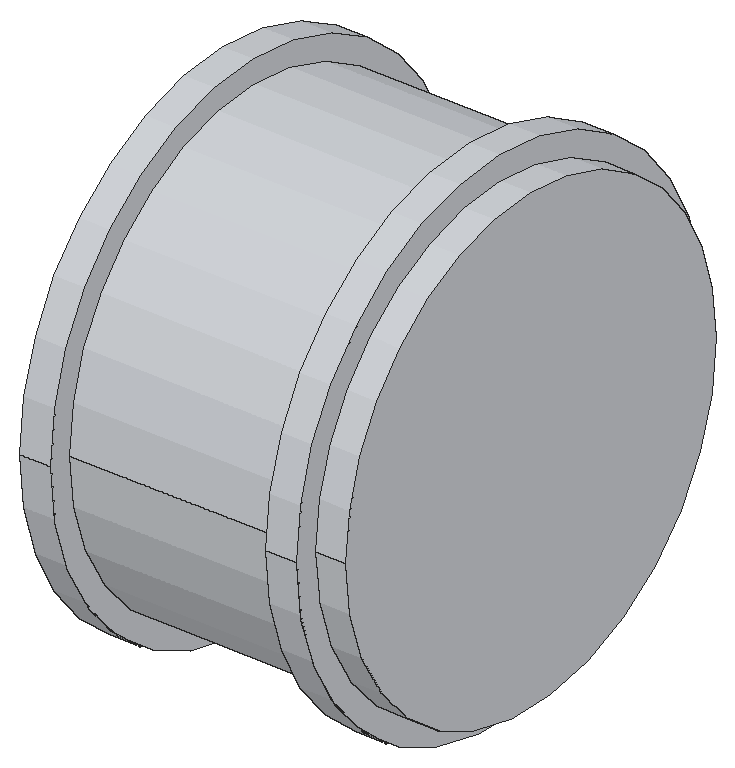
Revit family "7eb1e23a349e47c4848d42a41e7240f0", category Conduit Fittings, Revit 2021
Family settings
  Round Connector Dimension = Use Radius
  Part Type = Union
  OmniClass Number = 23.80.30.17.11
  OmniClass Title = Conduits
  Work Plane-Based = No
  Always vertical = Yes
  Cut with Voids When Loaded = No
  Shared = No
Parameters (values of type "Standard")
  Radius 1 [instance] = Fitting Outside Radius * 1.1  # 0.594"
  Nominal Radius [instance] = 1/4"
  Nominal Diameter [instance] = Nominal Radius * 2  # 1/2"
  Length 1 [instance] = Length * 0.1  # 0.0719"
  Length [instance] = size_lookup(Conduit Size Lookup, "Lgt", 0.29 * Nominal Diameter + 91/128", Nominal Diameter)  # 0.719"
  Fitting Outside Radius [instance] = Fitting Outside Diameter / 2  # 0.54"
  Fitting Outside Diameter [instance] = size_lookup(Conduit Size Lookup, "FOD", 1.14 * Nominal Diameter + 1/2", Nominal Diameter)  # 1.08"
  Default Elevation = 0' - 0"
  Conduit Size Lookup = "Conduit End Bell - PVC"
Reference planes (in)
  plane 1 "Center (Front/Back)": y = 0
  plane 2: z = 0
  plane 3 "Center (Left/Right)": x = 0
  plane 4: x = 0.719
  plane 5: x = 0.0719
  plane 6: x = 0.6471
  plane 7: x = 0.5752
Forms (in)
  Extrusion 1, solid, detail levels fine
    sketch origin (0, 0, 0) x (0, 1, 0) y (0, 0, 1)
      loop
        circle (0, 0) r 0.54
    from 0 to 0.719
  Extrusion 2, solid, detail levels fine
    sketch origin (0, 0, 0) x (0, 1, 0) y (0, 0, 1)
      loop
        circle (0, 0) r 0.594
    from 0 to 0.0719
  Extrusion 3, solid, detail levels fine
    sketch origin (0, 0, 0) x (0, 1, 0) y (0, 0, 1)
      loop
        circle (0, 0) r 0.594
    from 0.5752 to 0.6471
Cuts and joins
  joined: Extrusion 1, Extrusion 2, Extrusion 3
Lines and regions (in)
  model lines, detail levels coarse+medium
    curve 1: line (0, 0, 0) -> (0.719, 0, 0)
Dimensions and locks (in)
  "Length": plane 3 "Center (Left/Right)" to plane 4
  "Length 1": plane 3 "Center (Left/Right)" to plane 5
  "Length 1": plane 6 to plane 4
  "Length 1": plane 7 to plane 6
  "Fitting Outside Radius": radius of Extrusion 1 sketch curve
  "Radius 1": radius of Extrusion 2 sketch curve
  "Radius 1": radius of Extrusion 3 sketch curve
  aligned and locked: plane 3 "Center (Left/Right)" to curve 1
  aligned and locked: plane 4 to curve 1
  aligned and locked: plane 1 "Center (Front/Back)" to curve 1
  aligned and locked: plane 1 "Center (Front/Back)" to Extrusion 1 sketch curve
  aligned and locked: plane 2 to Extrusion 1 sketch curve
  aligned and locked: Extrusion 1 to plane 3 "Center (Left/Right)"
  aligned and locked: plane 4 to Extrusion 1
  aligned and locked: plane 1 "Center (Front/Back)" to Extrusion 2 sketch curve
  aligned and locked: plane 2 to Extrusion 2 sketch curve
  aligned and locked: plane 1 "Center (Front/Back)" to Extrusion 3 sketch curve
  aligned and locked: plane 2 to Extrusion 3 sketch curve
  aligned and locked: Extrusion 2 to plane 3 "Center (Left/Right)"
  aligned and locked: plane 5 to Extrusion 2
  aligned and locked: Extrusion 3 to plane 7
  aligned and locked: plane 6 to Extrusion 3
Connectors (in)
  cabletrayconduit at (0, 0, 0), diameter 0.5, driven by "Nominal Radius"
    settings: on cut or joined group of Extrusion 1, Extrusion 2, Extrusion 3, index 1, connector width 1' - 0", connector height 1' - 0", connector angle 0.00°, system type 32, placement type 0, profile type 0, connector reference index 2, is primary connector yes, connector utility param no, connector description ""
  cabletrayconduit at (0.719, 0, 0), diameter 0.5, driven by "Nominal Radius"
    settings: on cut or joined group of Extrusion 1, Extrusion 2, Extrusion 3, index 2, connector width 1' - 0", connector height 1' - 0", connector angle 0.00°, system type 32, placement type 0, profile type 0, connector reference index 1, is primary connector no, connector utility param no, connector description ""
